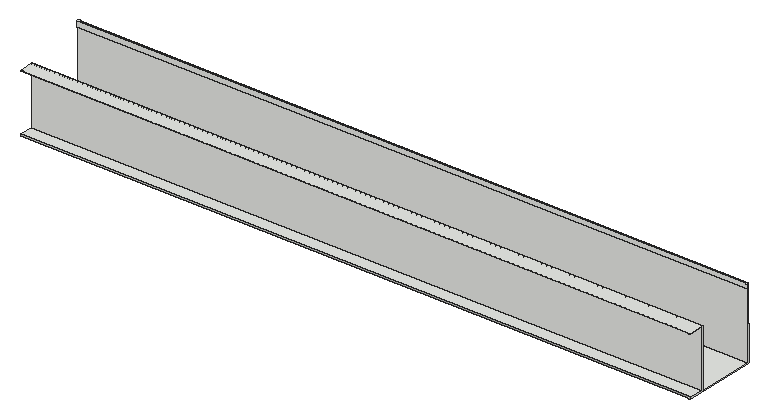
Revit family "PR40100", category Mechanical Equipment, Revit 2018
Family settings
  Round Connector Dimension = Use Diameter
  Part Type = Normal
  OmniClass Number = 23.75.00.00
  OmniClass Title = Climate Control (HVAC)
  Work Plane-Based = No
  Always vertical = Yes
  Cut with Voids When Loaded = No
  Shared = No
  Room Calculation Point = No
Parameters (values of type "ISOLAMIN PR40100 flashing")
  URL = "http://www.isolamin.se/"
  Thickness = "0.7 mm (Different thicknesses are available on request) \r\n0.7 mm (Different thicknesses are available on request) \r\n0.7 mm (Different thicknesses are available on request)"
  Profile Length = 1180 mm
  Model = "PR40100"
  Material = "Galvanized Steel"
  Manufacturer = "ISOLAMIN AB"
  Edition = "1.0 (2018)"
Reference planes
  plane 1 "Center (Front/Back)": y = 0
  plane 2: z = 0
  plane 3 "Center (Left/Right)": x = 0
  plane 4: y = -1284.913
  plane 5: x = 1180
Forms (mm)
  Extrusion 1, solid, material "ISOLAMIN Surface Profile Material"
    sketch origin (0, 0, 0) x (0, 1, 0) y (0, 0, 1)
      loop
        line (-102, 102) -> (-102, 2) -> (-126, 2)
        arc (-126, 2) -> (-127, 1) -> (-126, 0) r 1
        line (-126, 0) -> (-1, 0)
        arc (-1, 0) -> (-0.293, 0.293) -> (0, 1) r 1
        line (0, 1) -> (0, 126.256)
        arc (0, 126.256) -> (-1, 127) -> (-2, 126.256) r 1.044
        line (-2, 126.256) -> (-2, 117.7) -> (-1, 117.7) -> (-1, 1) -> (-101, 1) -> (-101, 103) -> (-127, 103) -> (-127, 102) -> (-102, 102)
    from 0 to 1180
Dimensions and locks
  "Profile Length": plane 3 "Center (Left/Right)" to plane 5
  aligned and locked: level to plane 2
  aligned and locked: plane 5 to Extrusion 1
Automatic sketch dimensions
  Extrusion 1 sketch curve to level = 0 mm
  Extrusion 1 sketch curve to plane 1 "Center (Front/Back)" = 0 mm
  plane 1 "Center (Front/Back)" to Extrusion 1 sketch curve = 1 mm  (x3)
  Extrusion 1 sketch curve to Extrusion 1 sketch curve = 1 mm  (x3)
  level to Extrusion 1 sketch curve = 1 mm
  Extrusion 1 sketch curve to Extrusion 1 sketch curve = 100 mm  (x2)
  level to Extrusion 1 sketch curve = 2 mm
  Extrusion 1 sketch curve to Extrusion 1 sketch curve = 24 mm
  Extrusion 1 sketch curve to Extrusion 1 sketch curve = 25 mm
  Extrusion 1 sketch curve to Extrusion 1 sketch curve = 14.7 mm
  Extrusion 1 sketch curve to Extrusion 1 sketch curve = 8.256 mm
  Extrusion 1 sketch curve to Extrusion 1 sketch curve = 0.3 mm
